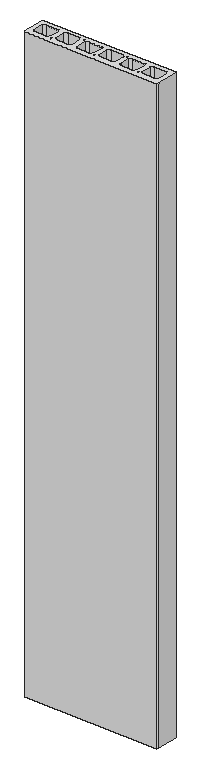
Revit family "ECP_MNLK-7745S5", category Generic Models, Revit 2022
Family settings
  Can host rebar = No
  Round Connector Dimension = Use Diameter
  Part Type = Normal
  Work Plane-Based = No
  Always vertical = Yes
  Cut with Voids When Loaded = Yes
  Maintain Annotation Orientation = No
  Shared = No
  Room Calculation Point = No
Parameters (values of type "ECP_MNLK-7745S5")
  長さ [instance] = 2000 mm
  穴表示 = yes
  材質 = 40Msr_ECP
  Default Elevation = 0 mm
  既存長さ = 460 mm
  幅 [instance] = 450 mm
  固定寸法 = 450 mm
  厚さ = 77 mm
  メースカット非表示 = yes
  メースカット [instance] = 既存長さ - 幅 - 10 mm  # 0 mm
  オースカット非表示 = no
  オースカット = 0 mm
Reference planes
  plane 1 "中心(正面/背面)": y = 0
  plane 2: z = 0
  plane 3 "中心(左/右)": x = 0
  plane 4: y = -38.5
  plane 5: y = 38.5
  plane 6: z = 2000
  plane 7: x = 450
Forms (mm)
  Extrusion 1, solid, material "40Msr_ECP" <- "材質", detail levels fine
    sketch origin (0, 0, 0) x (1, 0, 0) y (0, 1, 0)
      loop
        line (0, -35.5) -> (3, -38.5) -> (447, -38.5) -> (450, -35.5) -> (450, 35.5) -> (447, 38.5) -> (3, 38.5) -> (0, 35.5) -> (0, -35.5)
    from 0 to 2000
  Extrusion 2, void
    sketch origin (-50, 0, 0) x (1, 0, 0) y (0, 1, 0)
      loop
        line (500, -38.5) -> (510, -38.5) -> (510, 38.5) -> (500, 38.5) -> (500, -38.5)
    from 0 to 2000
  Extrusion 3, void
    sketch origin (-617, 0, 0) x (1, 0, 0) y (0, 1, 0)
      loop
        line (640, -23.5) -> (681.5, -23.5) -> (689.5, -15.5) -> (689.5, 15.5)
        arc (689.5, 15.5) -> (687.157, 21.157) -> (681.5, 23.5) r 8
        line (681.5, 23.5) -> (640, 23.5)
        arc (640, 23.5) -> (634.343, 21.157) -> (632, 15.5) r 8
        line (632, 15.5) -> (632, -15.5)
        arc (632, -15.5) -> (634.343, -21.157) -> (640, -23.5) r 8
      loop
        line (712.5, -23.5) -> (753, -23.5)
        arc (753, -23.5) -> (759.364, -20.864) -> (762, -14.5) r 9
        line (762, -14.5) -> (762, 15.5) -> (754, 23.5) -> (712.5, 23.5)
        arc (712.5, 23.5) -> (706.843, 21.157) -> (704.5, 15.5) r 8
        line (704.5, 15.5) -> (704.5, -15.5) -> (712.5, -23.5)
      loop
        line (785, -23.5) -> (826.5, -23.5) -> (834.5, -15.5) -> (834.5, 15.5)
        arc (834.5, 15.5) -> (832.157, 21.157) -> (826.5, 23.5) r 8
        line (826.5, 23.5) -> (785, 23.5) -> (777, 15.5) -> (777, -15.5)
        arc (777, -15.5) -> (779.343, -21.157) -> (785, -23.5) r 8
      loop
        line (857.5, -23.5) -> (898, -23.5)
        arc (898, -23.5) -> (904.364, -20.864) -> (907, -14.5) r 9
        line (907, -14.5) -> (907, 15.5) -> (899, 23.5) -> (857.5, 23.5)
        arc (857.5, 23.5) -> (851.843, 21.157) -> (849.5, 15.5) r 8
        line (849.5, 15.5) -> (849.5, -15.5) -> (857.5, -23.5)
      loop
        line (930, 23.5) -> (922, 15.5) -> (922, -15.5)
        arc (922, -15.5) -> (924.343, -21.157) -> (930, -23.5) r 8
        line (930, -23.5) -> (971.5, -23.5) -> (979.5, -15.5) -> (979.5, 15.5)
        arc (979.5, 15.5) -> (977.157, 21.157) -> (971.5, 23.5) r 8
        line (971.5, 23.5) -> (930, 23.5)
      loop
        arc (1002.5, 23.5) -> (996.843, 21.157) -> (994.5, 15.5) r 8
        line (994.5, 15.5) -> (994.5, -15.5) -> (1002.5, -23.5) -> (1044, -23.5)
        arc (1044, -23.5) -> (1049.657, -21.157) -> (1052, -15.5) r 8
        line (1052, -15.5) -> (1052, 15.5)
        arc (1052, 15.5) -> (1049.657, 21.157) -> (1044, 23.5) r 8
        line (1044, 23.5) -> (1002.5, 23.5)
      loop
        circle (697, -23.5) r 1.3
      loop
        circle (769.5, 23.5) r 1.3
      loop
        circle (842, -23.5) r 1.3
      loop
        circle (914.5, 23.5) r 1.3
      loop
        circle (987, -23.5) r 1.3
    from 0 to 2000
Cuts and joins
  Extrusion 2, Extrusion 3 cuts Extrusion 1
Lines and regions (mm)
  symbolic lines, style "ECPパネル", detail levels coarse+medium
    curve 1: line (0, 38.5, 0) -> (450, 38.5, 0)
    curve 2: line (0, -38.5, 0) -> (0, 38.5, 0)
    curve 3: line (450, -38.5, 0) -> (0, -38.5, 0)
    curve 4: line (450, 38.5, 0) -> (450, -38.5, 0)
    curve 5: line (0, 0, 0) -> (450, 0, 0)
    curve 6: line (0, 0, 2000) -> (0, 0, 0)
    curve 7: line (450, 0, 2000) -> (0, 0, 2000)
    curve 8: line (450, 0, 0) -> (450, 0, 2000)
    curve 9: line (0, -38.5, 2000) -> (0, 38.5, 2000)
    curve 10: line (0, -38.5, 0) -> (0, -38.5, 2000)
    curve 11: line (0, 38.5, 0) -> (0, -38.5, 0)
    curve 12: line (0, 38.5, 2000) -> (0, 38.5, 0)
  model lines, detail levels coarse+medium
    curve 13: line (0, 8, 0) -> (0, -8, 0)
Dimensions and locks
  "厚さ": plane 4 to plane 5
  "長さ": plane 6 to level
  equal spacing: plane 4, plane 1 "中心(正面/背面)", plane 5
  "既存長さ": plane 3 "中心(左/右)" to Extrusion 2
  "長さ": cut or joined group of Extrusion 1, Extrusion 2, Extrusion 3 to level
  "長さ": Extrusion 2 to level
  "幅": cut or joined group of Extrusion 1, Extrusion 2, Extrusion 3 to curve 8
  "長さ": level to Extrusion 3
  "幅": plane 3 "中心(左/右)" to plane 7
  "メースカット": Extrusion 2 sketch curve to cut or joined group of Extrusion 1, Extrusion 2, Extrusion 3
  "固定寸法": plane 3 "中心(左/右)" to cut or joined group of Extrusion 1, Extrusion 2, Extrusion 3
  aligned and locked: level to plane 2
Automatic sketch dimensions
  curve 11 to level = 0 mm
  curve 11 to plane 4 = 0 mm
  curve 11 to plane 5 = 0 mm
  curve 10 to plane 6 = 0 mm
  curve 7 to plane 3 "中心(左/右)" = 0 mm
  curve 7 to plane 6 = 0 mm
  curve 8 to level = 0 mm
  Extrusion 1 sketch curve to plane 3 "中心(左/右)" = 0 mm
  plane 4 to Extrusion 1 sketch curve = 0 mm
  plane 5 to Extrusion 1 sketch curve = 0 mm
  plane 3 "中心(左/右)" to Extrusion 1 sketch curve = 3 mm  (x2)
  Extrusion 1 sketch curve to plane 4 = 3 mm  (x2)
  plane 5 to Extrusion 1 sketch curve = 3 mm  (x2)
  Extrusion 1 sketch curve to Extrusion 1 sketch curve = 3 mm
  Extrusion 1 sketch curve to Extrusion 1 sketch curve = 0 mm
  Extrusion 1 sketch curve to Extrusion 1 sketch curve = 444 mm
  plane 3 "中心(左/右)" to Extrusion 3 sketch curve = 15 mm
  Extrusion 3 sketch curve to Extrusion 3 sketch curve = 8 mm  (x27)
  Extrusion 3 sketch curve to Extrusion 3 sketch curve = 41.5 mm  (x4)
  Extrusion 3 sketch curve to plane 4 = 15 mm  (x6)
  Extrusion 3 sketch curve to Extrusion 3 sketch curve = 0 mm  (x4)
  Extrusion 3 sketch curve to Extrusion 3 sketch curve = 7.5 mm  (x8)
  plane 1 "中心(正面/背面)" to Extrusion 3 sketch curve = 15.5 mm  (x4)
  Extrusion 3 sketch curve to Extrusion 3 sketch curve = 40.5 mm  (x2)
  plane 5 to Extrusion 3 sketch curve = 15 mm  (x3)
  Extrusion 3 sketch curve to Extrusion 3 sketch curve = 1 mm
  Extrusion 3 sketch curve to plane 1 "中心(正面/背面)" = 15.5 mm  (x5)
  Extrusion 3 sketch curve to Extrusion 3 sketch curve = 15 mm  (x2)
  plane 1 "中心(正面/背面)" to Extrusion 3 sketch curve = 14.5 mm
  plane 4 to Extrusion 2 sketch curve = 0 mm
  plane 5 to Extrusion 2 sketch curve = 0 mm
  curve 1 to plane 3 "中心(左/右)" = 0 mm
  curve 13 to plane 3 "中心(左/右)" = 0 mm
  plane 4 to curve 4 = 0 mm
  curve 4 to plane 7 = 0 mm
  plane 5 to curve 1 = 0 mm
  plane 1 "中心(正面/背面)" to curve 13 = 8 mm
  curve 13 to plane 1 "中心(正面/背面)" = 8 mm
  Extrusion 2 sketch curve to Extrusion 2 sketch curve = 10 mm
  radius of Extrusion 3 sketch curve = 1.3 mm  (x5)
